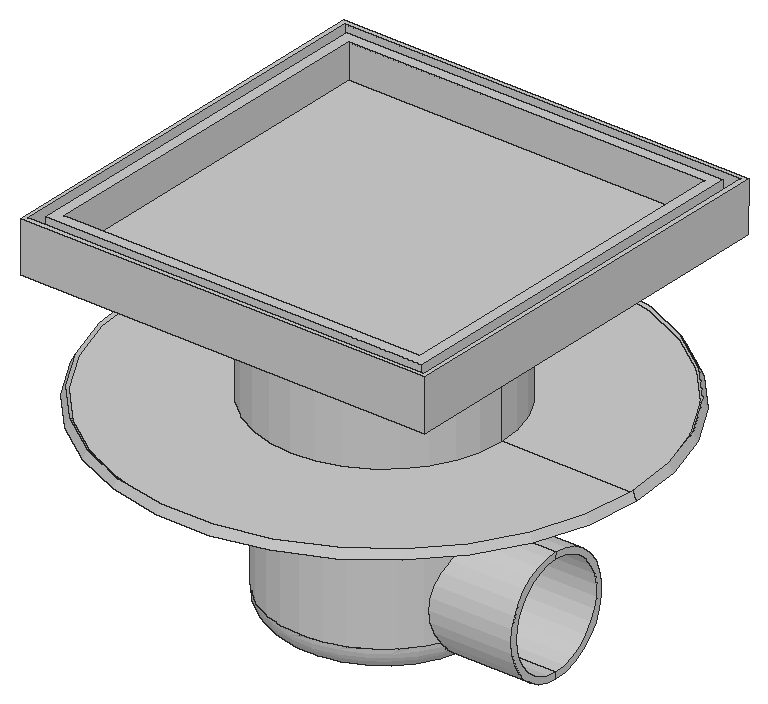
Revit family "PX_SEQ_Tile-Grate_PC111066", category Plumbing Fixtures, Revit 2016
Family settings
  Part Type = Normal
  Round Connector Dimension = Use Diameter
  Work Plane-Based = No
  Always vertical = Yes
  Cut with Voids When Loaded = No
  Shared = No
  Room Calculation Point = No
Parameters (values of type "LoLo Drain Tile Grate")
  URL for TCP = "http://www.tcpbim.co.za"
  URL = "https://seaqual.co.za/collections/internal-floor-drains/products/lolo-drain-50mm-side-s-s-square"
  Type Comments = "Tile Grate"
  Plastic = Plastic
  Model = "111066"
  Manufacturer = "Seaqual"
  Made by = "Tolani Civil Projects cc"
  ASAQS Code = "6.603.10"
Reference planes
  plane 1 "Center (Front/Back)": y = 0
  plane 2: z = 0
  plane 3 "Center (Left/Right)": x = 0
  plane 4: z = 4
  plane 5: z = 3
  plane 6: x = -125
  plane 7: z = -7
  plane 8: x = -60
  plane 9: x = -57
  plane 10: x = -63
  plane 11: z = -32
  plane 12: z = -29
  plane 13: x = -52
  plane 14: x = -49
  plane 15: z = -92.7
  plane 16: z = -89.7
  plane 17: z = -4
  plane 18: x = -123
  plane 19: z = -64.7
  plane 20: x = 85
  plane 21: z = 65
Forms (mm)
  Revolve 1, solid, material "Plastic" <- "Plastic"
    sketch origin (0, 0, 0) x (1, 0, 0) y (0, 0, 1)
      loop
        line (-125, 0) -> (-60, 0) -> (-60, -7.125) -> (-63, -7.125) -> (-63, -32) -> (-52, -32) -> (-52, -80.396)
        arc (-52, -80.396) -> (-48.396, -89.096) -> (-39.696, -92.7) r 12.304
        line (-39.696, -92.7) -> (0, -92.7) -> (0, -89.7) -> (-39, -89.7)
        arc (-39, -89.7) -> (-46.071, -86.771) -> (-49, -79.7) r 10
        line (-49, -79.7) -> (-49, -29) -> (-60, -29) -> (-60, -9.813) -> (-57, -9.813) -> (-57, 3) -> (-122, 3) -> (-123, 4) -> (-125, 0)
      axis (0, 4) -> (0, -92.7)
    angle from 0 to 360
  Revolve 2, solid, material "Plastic" <- "Plastic"
    sketch origin (0, 0, 0) x (1, 0, 0) y (0, 0, 1)
      loop
        line (0, -89.7) -> (0, -92.7) -> (85, -92.7) -> (85, -89.7) -> (0, -89.7)
      axis (0, -64.7) -> (85, -64.7)
    angle from 0 to 360
  Extrusion 3, void
    sketch origin (0, 0, 0) x (0, 1, 0) y (0, 0, 1)
      loop
        circle (0, -64.7) r 25
    from 0 to 85
Cuts and joins
  Extrusion 3 cuts Revolve 1
Dimensions and locks
  plane 21 to level to plane 11 = 65 mm locked, 32 mm locked
  locked: plane 3 "Center (Left/Right)" to plane 6 at 125
  locked: plane 4 to plane 5 at 1
  locked: plane 5 to level at 3
  level to plane 17 to plane 7 to plane 12 = 4 mm locked, 3 mm locked, 22 mm locked
  plane 11 to plane 16 to plane 15 = 57.7 mm locked, 3 mm locked
  locked: plane 19 to plane 15 at 28
  locked: plane 20 to nested 1 at 85
  plane 14 to plane 13 to plane 9 = 3 mm locked, 5 mm locked
  plane 8 to plane 10 to plane 18 = 3 mm locked, 60 mm locked
  locked: plane 3 "Center (Left/Right)" to plane 10 at 63
  aligned and locked: level to plane 2
  aligned and locked: plane 2 to Revolve 1 sketch curve
  aligned and locked: plane 4 to Revolve 1 sketch curve
  aligned and locked: plane 5 to Revolve 1 sketch curve  (x2)
  aligned and locked: Revolve 1 sketch curve to plane 2
  aligned and locked: Revolve 1 sketch curve to plane 9
  aligned and locked: plane 8 to Revolve 1 sketch curve  (x2)
  aligned and locked: plane 10 to Revolve 1 sketch curve
  aligned and locked: Revolve 1 sketch curve to plane 10
  aligned and locked: Revolve 1 sketch curve to plane 11
  aligned and locked: Revolve 1 sketch curve to plane 12
  aligned and locked: Revolve 1 sketch curve to plane 14
  aligned and locked: Revolve 1 sketch curve to plane 13
  aligned and locked: Revolve 1 sketch curve to plane 3 "Center (Left/Right)"  (x2)
  aligned and locked: Revolve 2 sketch curve to plane 16
  aligned and locked: plane 3 "Center (Left/Right)" to Revolve 2 sketch curve
  aligned and locked: plane 15 to Revolve 2 sketch curve
  aligned and locked: Revolve 2 sketch curve to plane 20
  aligned and locked: Revolve 2 sketch curve to plane 19
  aligned and locked: Extrusion 3 sketch curve to Revolve 2  (x2)
  aligned and locked: Revolve 2 to Extrusion 3
  aligned and locked: Extrusion 3 to Revolve 2
  aligned and locked: plane 3 "Center (Left/Right)" to nested 1
  aligned and locked: plane 1 "Center (Front/Back)" to nested 1
  aligned and locked: nested 1 to plane 21
Nested families
  nested 1: "PX_SEQ_Tile-Grate-200x200_PC097699.0001" at (0, 0, 90), type "TileGrate M-Sert & Pan"
Connectors
  piping at (85, 0, -64.7), diameter 50
    settings: on Revolve 2, index 1, connector inside diameter 609.6 mm, connector length 0 mm, flow factor 0, pipe flow 0.0 L/s, pressure drop 0.0 Pa, fitting loss kfactor 0, connector angle 0.00°, fixture units 0, engagement length 0 mm, angle of deflection 0.00°, flow configuration 0, flow direction 0, fitting loss method 0, system type 16, joint type 0, gender type 0, connector reference index -1, connector utility 0, adjustable connector no, is connector primary yes, connector description ""
Definition of nested family "PX_SEQ_Tile-Grate-200x200_PC097699.0001"
  Parameters (values of type "TileGrate M-Sert & Pan")
    URL for TCP = "http://www.tcpbim.co.za"
    URL = "https://seaqual.co.za/products/b-dr-2-fix-110mm-gr-110mm-sp"
    Type Comments = "TaleGrate M-Sert & Pan 200mm x 200mm OD"
    PLASTIC = none
    Model = "097699"
    Manufacturer = "Seaqual"
    Made by = "Tolani Civil Projects cc"
  Reference planes
    plane 1 "Center (Front/Back)": y = 0
    plane 2: z = 0
    plane 3 "Center (Left/Right)": x = 0
    plane 4: y = 100
    plane 5: y = -100
    plane 6: x = 100
    plane 7: x = -100
    plane 8: x = 98
    plane 9: x = -98
    plane 10: y = 98
    plane 11: y = -98
    plane 12: y = -93
    plane 13: y = 93
    plane 14: x = -93
    plane 15: x = 93
    plane 16: y = -88
    plane 17: y = 88
    plane 18: x = -88
    plane 19: x = 88
    plane 20: z = 5
    plane 21: z = -25
    plane 22: z = -17
    plane 23: z = -118
    plane 24: x = -58
    plane 25: x = -55
  Forms (mm)
    Revolve 1, solid, material <- "PLASTIC"
      sketch origin (0, 0, 0) x (1, 0, 0) y (0, 0, 1)
        loop
          line (-58, -118) -> (-55, -118) -> (-55, -25) -> (-58, -25) -> (-58, -118)
        axis (0, -25) -> (0, -118)
      angle from 0 to 360
    Sweep 2, solid, material <- "PLASTIC"
      path origin (0, 0, 0) x (1, 0, 0) y (0, 1, 0)
        loop
          line (-100, 100) -> (-100, -100) -> (100, -100) -> (100, 100) -> (-100, 100)
      profile origin (-100, 0, 0) x (-1, 0, 0) y (0, 0, 1)
        loop
          line (0, 0) -> (-2, 0) -> (-2, -17) -> (-7, -17) -> (-7, 0) -> (-12, 0) -> (-12, -17) -> (-42, -17) -> (-42, -25) -> (0, -25) -> (0, 0)
    Extrusion 3, solid, material <- "PLASTIC"
      sketch origin (0, 0, 0) x (1, 0, 0) y (0, 1, 0)
        loop
          line (-58, 58) -> (-58, -58) -> (58, -58) -> (58, 58) -> (-58, 58)
      from -17 to -25
  Cuts and joins
    joined: Revolve 1, Sweep 2, Extrusion 3
  Dimensions and locks
    plane 4 to plane 1 "Center (Front/Back)" to plane 5 = 100 mm locked, 100 mm locked
    plane 6 to plane 3 "Center (Left/Right)" to plane 7 = 100 mm locked, 100 mm locked
    locked: plane 8 to plane 6 at 2
    locked: plane 15 to plane 8 at 5
    locked: plane 19 to plane 15 at 5
    locked: plane 7 to plane 9 at 2
    locked: plane 9 to plane 14 at 5
    locked: plane 14 to plane 18 at 5
    locked: plane 16 to plane 12 at 5
    locked: plane 12 to plane 11 at 5
    locked: plane 11 to plane 5 at 2
    locked: plane 10 to plane 4 at 2
    locked: plane 13 to plane 10 at 5
    locked: plane 17 to plane 13 at 5
    locked: plane 20 to level at 5
    locked: plane 20 to plane 21 at 30
    locked: level to plane 22 at 17
    locked: plane 25 to plane 24 at 3
    locked: plane 22 to Revolve 1 at 8
    aligned and locked: level to plane 2
    aligned and locked: plane 21 to Revolve 1 sketch curve
    aligned and locked: Revolve 1 sketch curve to plane 3 "Center (Left/Right)"
    aligned and locked: plane 4 to Sweep 2 sketch curve
    aligned and locked: Sweep 2 sketch curve to plane 7
    aligned and locked: plane 5 to Sweep 2 sketch curve
    aligned and locked: Sweep 2 sketch curve to plane 6
    aligned and locked: Sweep 2 sketch curve to plane 9
    aligned and locked: plane 22 to Sweep 2 sketch curve  (x3)
    aligned and locked: plane 14 to Sweep 2 sketch curve
    aligned and locked: profile plane to Sweep 2 sketch curve
    aligned and locked: plane 18 to Sweep 2 sketch curve
    aligned and locked: plane 24 to Sweep 2 sketch curve
    aligned and locked: Revolve 1 to Sweep 2 sketch curve
    aligned and locked: Sweep 2 sketch curve to profile plane
    aligned and locked: Extrusion 3 sketch curve to Sweep 2  (x4)
    aligned and locked: plane 22 to Extrusion 3
    aligned and locked: plane 25 to Revolve 1 sketch curve
    aligned and locked: Revolve 1 sketch curve to plane 24
    aligned and locked: Revolve 1 sketch curve to plane 23
  Connectors
    piping at (0, 0, -118), diameter 110
      settings: on cut or joined group of Revolve 1, Sweep 2, Extrusion 3, index 1, connector inside diameter 609.6 mm, connector length 0 mm, flow factor 0, pipe flow 0.0 L/s, pressure drop 0.0 Pa, fitting loss kfactor 0, connector angle 0.00°, fixture units 0, engagement length 0 mm, angle of deflection 0.00°, flow configuration 0, flow direction 0, fitting loss method 0, system type 7, joint type 0, gender type 0, connector reference index -1, connector utility 0, adjustable connector no, is connector primary yes, connector description ""
